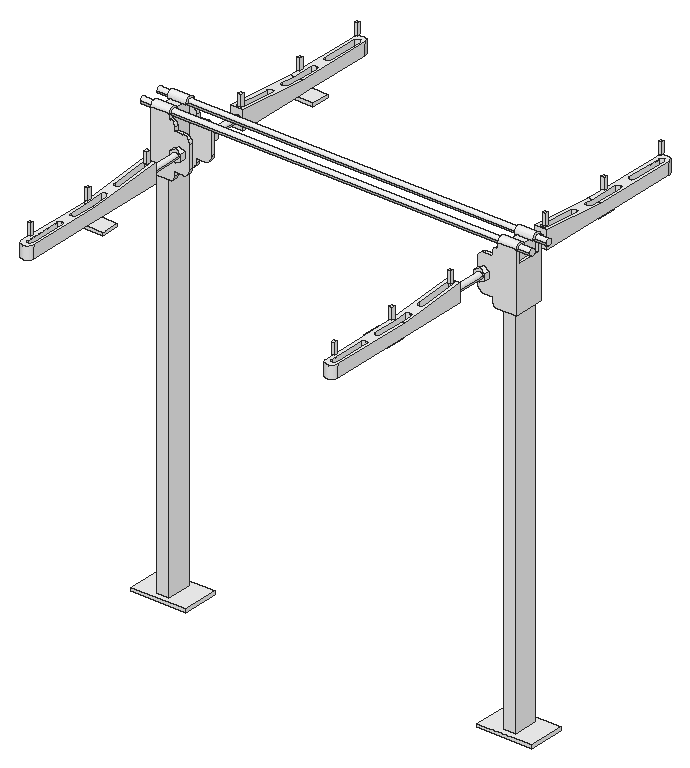
Revit family "Plumbing Fixture-Water_Closet_Carrier_Mifab_MC-41D", category Plumbing Fixtures, host Face, Revit 2013
Parameters
  WFU = 0
  URL = "www.mifab.com"
  Model = "MC-41D"
  Manufacturer = "MIFAB"
  Floor Drain Material = Paint - Sherwin Williams Paint - #952C2A - Bellwood Red
  Description = "Back To Back Fixture Carrier With Concealed Arms"
  Default Elevation = 0.000"
  Assembly Code = ""
Reference planes (in)
  plane 1 "Center (Front/Back)": y = 0
  plane 2: z = 0
  plane 3 "Center (Left/Right)": x = 0
Forms (in)
  Extrusion 1, solid, material "Paint - Sherwin Williams Paint - #952C2A - Bellwood Red" <- "Floor Drain Material"
    sketch origin (-0.29196, 0, 0) x (1, 0, 0) y (0, 1, 0)
      loop
        line (-16.49824, 1.5) -> (-16.49824, -1.5) -> (-11.99824, -1.5) -> (-11.99824, 1.5) -> (-16.49824, 1.5)
      loop
        line (16.50176, 1.5) -> (12.00176, 1.5) -> (12.00176, -1.5) -> (16.50176, -1.5) -> (16.50176, 1.5)
    from 0 to 0.25
  Extrusion 2, solid, material "Paint - Sherwin Williams Paint - #952C2A - Bellwood Red" <- "Floor Drain Material"
    sketch origin (-0.29196, 0, 0) x (1, 0, 0) y (0, 1, 0)
      loop
        line (-14.74824, 1) -> (-14.74824, -1) -> (-13.74824, -1) -> (-13.74824, 1) -> (-14.74824, 1)
      loop
        line (14.75176, 1) -> (13.75176, 1) -> (13.75176, -1) -> (14.75176, -1) -> (14.75176, 1)
    from 0.25 to 36
  Extrusion 3, solid, material "Paint - Sherwin Williams Paint - #952C2A - Bellwood Red" <- "Floor Drain Material"
    sketch origin (-0.29196, 0, 0) x (1, 0, 0) y (0, 0, 1)
      loop
        line (-15.01765, 35.70792) -> (-15.01765, 31.20792) -> (-13.5084, 31.20792)
        arc (-13.5084, 31.20792) -> (-13.18348, 31.3425) -> (-13.0489, 31.66742) r 0.4595
        line (-13.0489, 31.66742) -> (-13.0489, 31.95792) -> (-12.40223, 31.95792)
        arc (-12.40223, 31.95792) -> (-11.99771, 32.12548) -> (-11.83015, 32.53) r 0.57208
        line (-11.83015, 32.53) -> (-11.83015, 34.38583)
        arc (-11.83015, 34.38583) -> (-11.99771, 34.79036) -> (-12.40223, 34.95792) r 0.57208
        line (-12.40223, 34.95792) -> (-13.0489, 34.95792) -> (-13.0489, 35.24842)
        arc (-13.0489, 35.24842) -> (-13.18348, 35.57333) -> (-13.5084, 35.70792) r 0.4595
        line (-13.5084, 35.70792) -> (-15.01765, 35.70792)
      loop
        line (15.02118, 35.70792) -> (13.51193, 35.70792)
        arc (13.51193, 35.70792) -> (13.18701, 35.57333) -> (13.05243, 35.24842) r 0.4595
        line (13.05243, 35.24842) -> (13.05243, 34.95792) -> (12.40576, 34.95792)
        arc (12.40576, 34.95792) -> (12.00124, 34.79036) -> (11.83368, 34.38583) r 0.57208
        line (11.83368, 34.38583) -> (11.83368, 32.53)
        arc (11.83368, 32.53) -> (12.00124, 32.12548) -> (12.40576, 31.95792) r 0.57208
        line (12.40576, 31.95792) -> (13.05243, 31.95792) -> (13.05243, 31.66742)
        arc (13.05243, 31.66742) -> (13.18701, 31.3425) -> (13.51193, 31.20792) r 0.4595
        line (13.51193, 31.20792) -> (15.02118, 31.20792) -> (15.02118, 35.70792)
    from 1 to 1.25
  Extrusion 4, solid, material "Paint - Sherwin Williams Paint - #952C2A - Bellwood Red" <- "Floor Drain Material"
    sketch origin (-0.29196, 0, 0) x (1, 0, 0) y (0, 1, 0)
      loop
        line (-15.01765, 1) -> (-15.01765, -1) -> (-14.74824, -1) -> (-14.74824, 1) -> (-15.01765, 1)
      loop
        line (15.02118, 1) -> (14.75176, 1) -> (14.75176, -1) -> (15.02118, -1) -> (15.02118, 1)
    from 31.20792 to 34.95792
  Extrusion 5, solid, material "Paint - Sherwin Williams Paint - #952C2A - Bellwood Red" <- "Floor Drain Material"
    sketch origin (-0.2902, 0, 0) x (0, 1, 0) y (0, 0, 1)
      loop
        arc (-1, 36.05469) -> (-0.8261, 36.19805) -> (-0.71854, 36) r 0.14604
        line (-0.71854, 36) -> (-0.46171, 36)
        arc (-0.46171, 36) -> (-0.82655, 36.44978) -> (-1.25, 36.05469) r 0.39604
        line (-1.25, 36.05469) -> (-1.25, 35.70792) -> (-1, 35.70792) -> (-1, 36.05469)
    from 13.51016 to 15.01941
  Extrusion 6, solid, material "Paint - Sherwin Williams Paint - #952C2A - Bellwood Red" <- "Floor Drain Material"
    sketch origin (-0.29196, 0, 0) x (0, 1, 0) y (0, 0, -1)
      loop
        line (-1, -36.05469) -> (-1, -35.70792) -> (-1.25, -35.70792) -> (-1.25, -36.05469)
        arc (-1.25, -36.05469) -> (-0.82655, -36.44978) -> (-0.46171, -36) r 0.39604
        line (-0.46171, -36) -> (-0.71854, -36)
        arc (-0.71854, -36) -> (-0.8261, -36.19805) -> (-1, -36.05469) r 0.14604
    from 13.51016 to 15.01941
  Extrusion 7, solid, material "Paint - Sherwin Williams Paint - #952C2A - Bellwood Red" <- "Floor Drain Material"
    sketch origin (63.95522, 0, 0) x (0, 1, 0) y (0, 0, 1)
      loop
        circle (-0.85396, 36.06641) r 0.25
    from -80.24542 to -48.24542
  Extrusion 8, solid, material "Paint - Sherwin Williams Paint - #952C2A - Bellwood Red" <- "Floor Drain Material"
    sketch origin (11.65492, 1.72667, 0) x (0, 1, 0) y (0, 0, 1)
      loop
        line (-6.17964, 32.8507) -> (-6.17964, 34.3425) -> (-11.80094, 33.8507) -> (-18.14504, 33.8507) -> (-18.14504, 32.8507) -> (-6.17964, 32.8507)
    from 0 to 1
  Extrusion 9, solid, material "Paint - Sherwin Williams Paint - #952C2A - Bellwood Red" <- "Floor Drain Material"
    sketch origin (-2.04196, 0, 0.26247) x (1, 0, 0) y (0, 0, 1)
      loop
        circle (14.25176, 33.3507) r 0.25
      loop
        circle (-10.74824, 33.3507) r 0.25
    from 1.88789 to 4.45296
  Extrusion 10, solid, material "Paint - Sherwin Williams Paint - #952C2A - Bellwood Red" <- "Floor Drain Material"
    sketch origin (-0.29196, 0, 0) x (1, 0, 0) y (0, 0, 1)
      loop
        line (12.05665, 33.87016) -> (12.05665, 33.35618) -> (12.50176, 33.09919) -> (12.94688, 33.35618) -> (12.94688, 33.87016) -> (12.50176, 34.12715) -> (12.05665, 33.87016)
      loop
        line (-12.05312, 33.87016) -> (-12.49824, 34.12715) -> (-12.94335, 33.87016) -> (-12.94335, 33.35618) -> (-12.49824, 33.09919) -> (-12.05312, 33.35618) -> (-12.05312, 33.87016)
    from 1.5 to 1.88789
  Extrusion 11, solid, material "Paint - Sherwin Williams Paint - #952C2A - Bellwood Red" <- "Floor Drain Material"
    sketch origin (-12.33166, 1.12131, 0) x (0, 1, 0) y (0, 0, -1)
      loop
        line (-5.57427, -32.8507) -> (-17.53967, -32.8507) -> (-17.53967, -33.8507) -> (-11.80094, -33.8507) -> (-5.57427, -34.39547) -> (-5.57427, -32.8507)
    from 0 to 1
  Extrusion 12, solid, material "Paint - Sherwin Williams Paint - #952C2A - Bellwood Red" <- "Floor Drain Material"
    sketch origin (1.46157, 0, 32.8507) x (-1, 0, 0) y (0, -1, 0)
      loop
        line (13.79323, 16.41836) -> (14.79323, 16.41836) -> (14.79323, 17)
        arc (14.79323, 17) -> (14.29323, 17.5) -> (13.79323, 17) r 0.5
        line (13.79323, 17) -> (13.79323, 16.41836)
    from 0 to 1
  Extrusion 13, solid, material "Paint - Sherwin Williams Paint - #952C2A - Bellwood Red" <- "Floor Drain Material"
    sketch origin (-2.04196, 0, 32.8507) x (1, 0, 0) y (0, 1, 0)
      loop
        line (13.69688, -16.41836) -> (13.69688, -17)
        arc (13.69688, -17) -> (14.19688, -17.5) -> (14.69688, -17) r 0.5
        line (14.69688, -17) -> (14.69688, -16.41836) -> (13.69688, -16.41836)
    from 0 to 1
  Extrusion 14, void
    sketch origin (-0.29196, 0, 0) x (1, 0, 0) y (0, 1, 0)
      loop
        line (-12.74824, -4.80094) -> (-12.74824, -7.80094)
        arc (-12.74824, -7.80094) -> (-12.49824, -8.05094) -> (-12.24824, -7.80094) r 0.25
        line (-12.24824, -7.80094) -> (-12.24824, -4.80094)
        arc (-12.24824, -4.80094) -> (-12.49824, -4.55094) -> (-12.74824, -4.80094) r 0.25
      loop
        line (-12.74824, -9.30094) -> (-12.74824, -12.30094)
        arc (-12.74824, -12.30094) -> (-12.49824, -12.55094) -> (-12.24824, -12.30094) r 0.25
        line (-12.24824, -12.30094) -> (-12.24824, -9.30094)
        arc (-12.24824, -9.30094) -> (-12.49824, -9.05094) -> (-12.74824, -9.30094) r 0.25
      loop
        line (-12.74824, -13.80094) -> (-12.74824, -16.80094)
        arc (-12.74824, -16.80094) -> (-12.49824, -17.05094) -> (-12.24824, -16.80094) r 0.25
        line (-12.24824, -16.80094) -> (-12.24824, -13.80094)
        arc (-12.24824, -13.80094) -> (-12.49824, -13.55094) -> (-12.74824, -13.80094) r 0.25
      loop
        arc (12.75176, -4.80094) -> (12.50176, -4.55094) -> (12.25176, -4.80094) r 0.25
        line (12.25176, -4.80094) -> (12.25176, -7.80094)
        arc (12.25176, -7.80094) -> (12.50176, -8.05094) -> (12.75176, -7.80094) r 0.25
        line (12.75176, -7.80094) -> (12.75176, -4.80094)
      loop
        arc (12.75176, -9.30094) -> (12.50176, -9.05094) -> (12.25176, -9.30094) r 0.25
        line (12.25176, -9.30094) -> (12.25176, -12.30094)
        arc (12.25176, -12.30094) -> (12.50176, -12.55094) -> (12.75176, -12.30094) r 0.25
        line (12.75176, -12.30094) -> (12.75176, -9.30094)
      loop
        arc (12.75176, -13.80094) -> (12.50176, -13.55094) -> (12.25176, -13.80094) r 0.25
        line (12.25176, -13.80094) -> (12.25176, -16.80094)
        arc (12.25176, -16.80094) -> (12.50176, -17.05094) -> (12.75176, -16.80094) r 0.25
        line (12.75176, -16.80094) -> (12.75176, -13.80094)
    from 33.29844 to 34.37564
  Extrusion 15, solid, material "Paint - Sherwin Williams Paint - #952C2A - Bellwood Red" <- "Floor Drain Material"
    sketch origin (-2.04196, 0, 0) x (1, 0, 0) y (0, 1, 0)
      loop
        line (14.37676, -16.67594) -> (14.12676, -16.67594) -> (14.12676, -16.92594) -> (14.37676, -16.92594) -> (14.37676, -16.67594)
      loop
        line (14.37676, -4.95816) -> (14.37676, -4.74539) -> (14.12676, -4.74539) -> (14.12676, -4.95816) -> (14.37676, -4.95816)
      loop
        line (-10.87324, -16.67594) -> (-10.87324, -16.92594) -> (-10.62324, -16.92594) -> (-10.62324, -16.67594) -> (-10.87324, -16.67594)
      loop
        line (-10.87324, -4.95816) -> (-10.62324, -4.95816) -> (-10.62324, -4.70816) -> (-10.87324, -4.70816) -> (-10.87324, -4.95816)
    from 33.29844 to 35.29844
  Extrusion 16, solid, material "Paint - Sherwin Williams Paint - #952C2A - Bellwood Red" <- "Floor Drain Material"
    sketch origin (-2.04196, 0, 0.64279) x (1, 0, 0) y (0, 1, 0)
      loop
        line (12.50176, -10.07993) -> (12.50176, -11.57993) -> (14.50176, -11.57993) -> (14.50176, -10.07993) -> (12.50176, -10.07993)
      loop
        line (-8.99824, -10.07993) -> (-10.99824, -10.07993) -> (-10.99824, -11.57993) -> (-8.99824, -11.57993) -> (-8.99824, -10.07993)
    from 31.95792 to 32.20792
  Extrusion 17, solid, material "Paint - Sherwin Williams Paint - #952C2A - Bellwood Red" <- "Floor Drain Material"
    sketch origin (-2.04196, 5.89811, 0) x (1, 0, 0) y (0, 1, 0)
      loop
        line (14.37676, -16.67594) -> (14.12676, -16.67594) -> (14.12676, -16.92594) -> (14.37676, -16.92594) -> (14.37676, -16.67594)
      loop
        line (-10.87324, -16.67594) -> (-10.87324, -16.92594) -> (-10.62324, -16.92594) -> (-10.62324, -16.67594) -> (-10.87324, -16.67594)
    from 33.29844 to 35.29844
  Extrusion 18, solid, material "Paint - Sherwin Williams Paint - #952C2A - Bellwood Red" <- "Floor Drain Material"
    sketch origin (-0.29196, 2.25, 0) x (1, 0, 0) y (0, 0, 1)
      loop
        line (-15.01765, 35.70792) -> (-15.01765, 31.20792) -> (-13.5084, 31.20792)
        arc (-13.5084, 31.20792) -> (-13.18348, 31.3425) -> (-13.0489, 31.66742) r 0.4595
        line (-13.0489, 31.66742) -> (-13.0489, 31.95792) -> (-12.40223, 31.95792)
        arc (-12.40223, 31.95792) -> (-11.99771, 32.12548) -> (-11.83015, 32.53) r 0.57208
        line (-11.83015, 32.53) -> (-11.83015, 34.38583)
        arc (-11.83015, 34.38583) -> (-11.99771, 34.79036) -> (-12.40223, 34.95792) r 0.57208
        line (-12.40223, 34.95792) -> (-13.0489, 34.95792) -> (-13.0489, 35.24842)
        arc (-13.0489, 35.24842) -> (-13.18348, 35.57333) -> (-13.5084, 35.70792) r 0.4595
        line (-13.5084, 35.70792) -> (-15.01765, 35.70792)
      loop
        line (15.02118, 35.70792) -> (13.51193, 35.70792)
        arc (13.51193, 35.70792) -> (13.18701, 35.57333) -> (13.05243, 35.24842) r 0.4595
        line (13.05243, 35.24842) -> (13.05243, 34.95792) -> (12.40576, 34.95792)
        arc (12.40576, 34.95792) -> (12.00124, 34.79036) -> (11.83368, 34.38583) r 0.57208
        line (11.83368, 34.38583) -> (11.83368, 32.53)
        arc (11.83368, 32.53) -> (12.00124, 32.12548) -> (12.40576, 31.95792) r 0.57208
        line (12.40576, 31.95792) -> (13.05243, 31.95792) -> (13.05243, 31.66742)
        arc (13.05243, 31.66742) -> (13.18701, 31.3425) -> (13.51193, 31.20792) r 0.4595
        line (13.51193, 31.20792) -> (15.02118, 31.20792) -> (15.02118, 35.70792)
    from 1 to 1.25
  Extrusion 19, solid, material "Paint - Sherwin Williams Paint - #952C2A - Bellwood Red" <- "Floor Drain Material"
    sketch origin (63.95522, 1.70792, 0) x (0, 1, 0) y (0, 0, 1)
      loop
        circle (-0.85396, 36.06641) r 0.25
    from -80.24542 to -48.24542
  Extrusion 20, solid, material "Paint - Sherwin Williams Paint - #952C2A - Bellwood Red" <- "Floor Drain Material"
    sketch origin (-0.2902, 0, 0) x (0, -1, 0) y (0, 0, -1)
      loop
        line (-1, -36.05469) -> (-1, -35.70792) -> (-1.25, -35.70792) -> (-1.25, -36.05469)
        arc (-1.25, -36.05469) -> (-0.82655, -36.44978) -> (-0.46171, -36) r 0.39604
        line (-0.46171, -36) -> (-0.71854, -36)
        arc (-0.71854, -36) -> (-0.8261, -36.19805) -> (-1, -36.05469) r 0.14604
    from 13.51016 to 15.01941
  Extrusion 21, solid, material "Paint - Sherwin Williams Paint - #952C2A - Bellwood Red" <- "Floor Drain Material"
    sketch origin (-0.29196, 0, 0) x (0, -1, 0) y (0, 0, 1)
      loop
        arc (-1, 36.05469) -> (-0.8261, 36.19805) -> (-0.71854, 36) r 0.14604
        line (-0.71854, 36) -> (-0.46171, 36)
        arc (-0.46171, 36) -> (-0.82655, 36.44978) -> (-1.25, 36.05469) r 0.39604
        line (-1.25, 36.05469) -> (-1.25, 35.70792) -> (-1, 35.70792) -> (-1, 36.05469)
    from 13.51016 to 15.01941
  Extrusion 22, solid, material "Paint - Sherwin Williams Paint - #952C2A - Bellwood Red" <- "Floor Drain Material"
    sketch origin (11.65492, -1.72667, 0) x (0, -1, 0) y (0, 0, -1)
      loop
        line (-6.17964, -32.8507) -> (-18.14504, -32.8507) -> (-18.14504, -33.8507) -> (-11.80094, -33.8507) -> (-6.17964, -34.3425) -> (-6.17964, -32.8507)
    from 0 to 1
  Extrusion 23, solid, material "Paint - Sherwin Williams Paint - #952C2A - Bellwood Red" <- "Floor Drain Material"
    sketch origin (-2.04196, 0, 0.26247) x (1, 0, 0) y (0, 0, -1)
      loop
        circle (14.25176, -33.3507) r 0.25
      loop
        circle (-10.74824, -33.3507) r 0.25
    from 1.88789 to 4.45296
  Extrusion 24, solid, material "Paint - Sherwin Williams Paint - #952C2A - Bellwood Red" <- "Floor Drain Material"
    sketch origin (-0.29196, 0, 0) x (1, 0, 0) y (0, 0, -1)
      loop
        line (12.05665, -33.87016) -> (12.50176, -34.12715) -> (12.94688, -33.87016) -> (12.94688, -33.35618) -> (12.50176, -33.09919) -> (12.05665, -33.35618) -> (12.05665, -33.87016)
      loop
        line (-12.05312, -33.87016) -> (-12.05312, -33.35618) -> (-12.49824, -33.09919) -> (-12.94335, -33.35618) -> (-12.94335, -33.87016) -> (-12.49824, -34.12715) -> (-12.05312, -33.87016)
    from 1.5 to 1.88789
  Extrusion 25, solid, material "Paint - Sherwin Williams Paint - #952C2A - Bellwood Red" <- "Floor Drain Material"
    sketch origin (-12.33166, -1.12131, 0) x (0, -1, 0) y (0, 0, 1)
      loop
        line (-5.57427, 32.8507) -> (-5.57427, 34.39547) -> (-11.80094, 33.8507) -> (-17.53967, 33.8507) -> (-17.53967, 32.8507) -> (-5.57427, 32.8507)
    from 0 to 1
  Extrusion 26, solid, material "Paint - Sherwin Williams Paint - #952C2A - Bellwood Red" <- "Floor Drain Material"
    sketch origin (1.46157, 0, 32.8507) x (-1, 0, 0) y (0, -1, 0)
      loop
        line (13.79323, -16.41836) -> (13.79323, -17)
        arc (13.79323, -17) -> (14.29323, -17.5) -> (14.79323, -17) r 0.5
        line (14.79323, -17) -> (14.79323, -16.41836) -> (13.79323, -16.41836)
    from 0 to 1
  Extrusion 27, solid, material "Paint - Sherwin Williams Paint - #952C2A - Bellwood Red" <- "Floor Drain Material"
    sketch origin (-2.04196, 0, 32.8507) x (1, 0, 0) y (0, 1, 0)
      loop
        line (13.69688, 16.41836) -> (14.69688, 16.41836) -> (14.69688, 17)
        arc (14.69688, 17) -> (14.19688, 17.5) -> (13.69688, 17) r 0.5
        line (13.69688, 17) -> (13.69688, 16.41836)
    from 0 to 1
  Extrusion 28, void
    sketch origin (-0.29196, 0, 0) x (1, 0, 0) y (0, 1, 0)
      loop
        arc (-12.74824, 4.80094) -> (-12.49824, 4.55094) -> (-12.24824, 4.80094) r 0.25
        line (-12.24824, 4.80094) -> (-12.24824, 7.80094)
        arc (-12.24824, 7.80094) -> (-12.49824, 8.05094) -> (-12.74824, 7.80094) r 0.25
        line (-12.74824, 7.80094) -> (-12.74824, 4.80094)
      loop
        arc (-12.74824, 9.30094) -> (-12.49824, 9.05094) -> (-12.24824, 9.30094) r 0.25
        line (-12.24824, 9.30094) -> (-12.24824, 12.30094)
        arc (-12.24824, 12.30094) -> (-12.49824, 12.55094) -> (-12.74824, 12.30094) r 0.25
        line (-12.74824, 12.30094) -> (-12.74824, 9.30094)
      loop
        arc (-12.74824, 13.80094) -> (-12.49824, 13.55094) -> (-12.24824, 13.80094) r 0.25
        line (-12.24824, 13.80094) -> (-12.24824, 16.80094)
        arc (-12.24824, 16.80094) -> (-12.49824, 17.05094) -> (-12.74824, 16.80094) r 0.25
        line (-12.74824, 16.80094) -> (-12.74824, 13.80094)
      loop
        line (12.75176, 4.80094) -> (12.75176, 7.80094)
        arc (12.75176, 7.80094) -> (12.50176, 8.05094) -> (12.25176, 7.80094) r 0.25
        line (12.25176, 7.80094) -> (12.25176, 4.80094)
        arc (12.25176, 4.80094) -> (12.50176, 4.55094) -> (12.75176, 4.80094) r 0.25
      loop
        line (12.75176, 9.30094) -> (12.75176, 12.30094)
        arc (12.75176, 12.30094) -> (12.50176, 12.55094) -> (12.25176, 12.30094) r 0.25
        line (12.25176, 12.30094) -> (12.25176, 9.30094)
        arc (12.25176, 9.30094) -> (12.50176, 9.05094) -> (12.75176, 9.30094) r 0.25
      loop
        line (12.75176, 13.80094) -> (12.75176, 16.80094)
        arc (12.75176, 16.80094) -> (12.50176, 17.05094) -> (12.25176, 16.80094) r 0.25
        line (12.25176, 16.80094) -> (12.25176, 13.80094)
        arc (12.25176, 13.80094) -> (12.50176, 13.55094) -> (12.75176, 13.80094) r 0.25
    from 33.29844 to 34.37564
  Extrusion 29, solid, material "Paint - Sherwin Williams Paint - #952C2A - Bellwood Red" <- "Floor Drain Material"
    sketch origin (-2.04196, 0, 0) x (1, 0, 0) y (0, 1, 0)
      loop
        line (14.37676, 16.67594) -> (14.37676, 16.92594) -> (14.12676, 16.92594) -> (14.12676, 16.67594) -> (14.37676, 16.67594)
      loop
        line (14.37676, 4.95816) -> (14.12676, 4.95816) -> (14.12676, 4.74539) -> (14.37676, 4.74539) -> (14.37676, 4.95816)
      loop
        line (-10.87324, 16.67594) -> (-10.62324, 16.67594) -> (-10.62324, 16.92594) -> (-10.87324, 16.92594) -> (-10.87324, 16.67594)
      loop
        line (-10.87324, 4.95816) -> (-10.87324, 4.70816) -> (-10.62324, 4.70816) -> (-10.62324, 4.95816) -> (-10.87324, 4.95816)
    from 33.29844 to 35.29844
  Extrusion 30, solid, material "Paint - Sherwin Williams Paint - #952C2A - Bellwood Red" <- "Floor Drain Material"
    sketch origin (-2.04196, 0, 0.64279) x (1, 0, 0) y (0, 1, 0)
      loop
        line (12.50176, 10.07993) -> (14.50176, 10.07993) -> (14.50176, 11.57993) -> (12.50176, 11.57993) -> (12.50176, 10.07993)
      loop
        line (-8.99824, 10.07993) -> (-8.99824, 11.57993) -> (-10.99824, 11.57993) -> (-10.99824, 10.07993) -> (-8.99824, 10.07993)
    from 31.95792 to 32.20792
  Extrusion 31, solid, material "Paint - Sherwin Williams Paint - #952C2A - Bellwood Red" <- "Floor Drain Material"
    sketch origin (-2.04196, -5.89811, 0) x (1, 0, 0) y (0, 1, 0)
      loop
        line (14.37676, 16.67594) -> (14.37676, 16.92594) -> (14.12676, 16.92594) -> (14.12676, 16.67594) -> (14.37676, 16.67594)
      loop
        line (-10.87324, 16.67594) -> (-10.62324, 16.67594) -> (-10.62324, 16.92594) -> (-10.87324, 16.92594) -> (-10.87324, 16.67594)
    from 33.29844 to 35.29844
Cuts and joins
  Extrusion 14, Extrusion 28 cuts Extrusion 8
  Extrusion 14, Extrusion 28 cuts Extrusion 11
  Extrusion 14, Extrusion 28 cuts Extrusion 12
  Extrusion 14, Extrusion 28 cuts Extrusion 13
  Extrusion 14, Extrusion 28 cuts Extrusion 15
  Extrusion 14, Extrusion 28 cuts Extrusion 17
  Extrusion 28 cuts Extrusion 22
  Extrusion 28 cuts Extrusion 25
  Extrusion 28 cuts Extrusion 26
  Extrusion 28 cuts Extrusion 27
  Extrusion 28 cuts Extrusion 29
  Extrusion 28 cuts Extrusion 31
  joined: Extrusion 2, Extrusion 3, Extrusion 4, Extrusion 5, Extrusion 6, Extrusion 7, Extrusion 8, Extrusion 10, Extrusion 11, Extrusion 12, Extrusion 13, Extrusion 15, Extrusion 16, Extrusion 17, Extrusion 18, Extrusion 19, Extrusion 20, Extrusion 21, Extrusion 22, Extrusion 23, Extrusion 24, Extrusion 25, Extrusion 26, Extrusion 27, Extrusion 29, Extrusion 30, Extrusion 31
Dimensions and locks (in)
  Extrusion 1 sketch curve to Extrusion 1 sketch curve = 24.000"  (x2)
  locked: Extrusion 1 sketch curve to Extrusion 1 sketch curve at 4.5  (x2)
  aligned and locked: plane 2 to host face
  aligned and locked: level to host face
  aligned and locked: Extrusion 2 to Extrusion 1
  aligned and locked: Extrusion 3 to Extrusion 2
  aligned and locked: Extrusion 4 to Extrusion 3  (x2)
  aligned and locked: Extrusion 2 to Extrusion 4  (x2)
  aligned and locked: Extrusion 11 to Extrusion 9
  aligned and locked: Extrusion 3 to Extrusion 20
  aligned and locked: Extrusion 5 to Extrusion 3
  aligned and locked: Extrusion 6 to Extrusion 3
  aligned and locked: Extrusion 21 to Extrusion 3
  aligned and locked: Extrusion 6 to Extrusion 2
  aligned and locked: Extrusion 21 to Extrusion 2
  aligned and locked: Extrusion 5 to Extrusion 20
  aligned and locked: Extrusion 5 to Extrusion 6
  aligned and locked: Extrusion 5 to Extrusion 2
  aligned and locked: Extrusion 20 to Extrusion 2
  aligned and locked: Extrusion 10 to Extrusion 9
  aligned and locked: Extrusion 13 to cut or joined group 1 (Extrusion 2, Extrusion 3, Extrusion 4, Extrusion 5, Extrusion 6, Extrusion 7, Extrusion 8, Extrusion 10, Extrusion 11, Extrusion 12, Extrusion 13, Extrusion 14, Extrusion 15, Extrusion 16, Extrusion 17, Extrusion 18, Extrusion 19, Extrusion 20, Extrusion 21, Extrusion 22, Extrusion 23, Extrusion 24, Extrusion 25, Extrusion 26, Extrusion 27, Extrusion 28, Extrusion 29, Extrusion 30, Extrusion 31)
  aligned and locked: Extrusion 11 to cut or joined group 1  (x2)
  aligned and locked: Extrusion 23 to Extrusion 25
  aligned and locked: Extrusion 23 to Extrusion 24
  aligned and locked: Extrusion 22 to Extrusion 27
  aligned and locked: Extrusion 8 to Extrusion 13
  aligned and locked: Extrusion 13 to Extrusion 8
